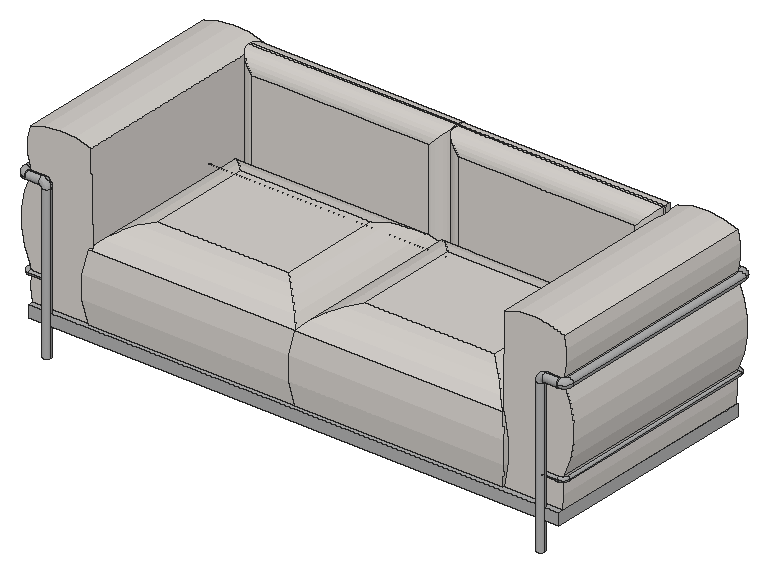
Revit family "Haworth_LC3_Sofa_TwoSeat", category Furniture, Revit 2018
Family settings
  OmniClass Number = 23.40.20.00
  OmniClass Title = General Furniture and Specialties
  Work Plane-Based = No
  Always vertical = Yes
  Cut with Voids When Loaded = No
  Shared = No
  Room Calculation Point = No
Parameters (values of type "HCCS-LC32-DMC1")
  Warranty = "http://www.haworth.com/resources/product-info/warranties"
  Version = "4"  # constant formula
  Upholstery Finish [instance] = Haworth _ Leather _ Cassina LCX _ Bianco TD-415
  URL - Product = "http://www.haworth.com/products/Seating/Lounge-Chairs/lc3"
  URL = "http://www.haworth.com/our-brands/haworth-collection"
  Size = "Verify Final Dim. w/ Haworth"  # constant formula
  Model = "HCCS-LC32-DMC1"
  Manufacturer = "Haworth"  # constant formula
  Leg Finish [instance] = Haworth _ Metal _ Chrome
  Description = "Haworth LC3 Sofa Two Seat"
  Author = "SHAPE Environments, LLC"  # constant formula
  Assembly Code = "E2020200"
  Actual Width = 5' - 6"  # constant formula
  Actual Height = 2' - 0 51/128"  # constant formula
  Actual Depth = 2' - 4 179/256"  # constant formula
Reference planes
  plane 1 "Center Front/Back": y = 0
  plane 2: z = 0
  plane 3 "Center Left/Right": x = 0
  plane 4 "OVERALL HEIGHT": z = 624.496
  plane 5 "SEAT HEIGHT": z = 422.968
  plane 6: z = 127
  plane 7: y = 364.878
  plane 8: y = -365.699
  plane 9: x = 861.362
  plane 10: x = -861.362
  plane 11: z = 637.771
Forms (mm)
  Sweep 1, solid, material "Haworth _ Metal _ Chrome" <- "Leg Finish"
    path origin (0, 26.079, 0) x (1, 0, 0) y (0, 1, 0)
      loop
        arc (828.291, -391.777) -> (848.562, -383.381) -> (856.959, -363.109) r 28.669
        line (856.959, -363.109) -> (856.959, 308.469)
        arc (856.959, 308.469) -> (848.834, 328.085) -> (829.217, 336.211) r 27.742
        line (829.217, 336.211) -> (-828.235, 336.211)
        arc (-828.235, 336.211) -> (-847.851, 328.085) -> (-855.977, 308.469) r 27.742
        line (-855.977, 308.469) -> (-855.977, -363.902)
        arc (-855.977, -363.902) -> (-847.58, -384.174) -> (-827.308, -392.571) r 28.669
    profile origin (848.562, -357.302, 0) x (-0.707107, 0.707107, 0) y (0, 0, 1)
      loop
        circle (12.7, 487.227) r 12.7
  Sweep 2, solid, material "Haworth _ Metal _ Chrome" <- "Leg Finish"
    path origin (0.003, 26.079, -263.525) x (1, 0, 0) y (0, 1, 0)
      loop
        line (769.052, -388.65) -> (821.939, -388.65)
        arc (821.939, -388.65) -> (842.21, -380.253) -> (850.606, -359.983) r 28.667
        line (850.606, -359.983) -> (850.606, 308.463)
        arc (850.606, 308.463) -> (842.483, 328.076) -> (822.87, 336.199) r 27.736
        line (822.87, 336.199) -> (-823.45, 336.199)
        arc (-823.45, 336.199) -> (-842.651, 328.246) -> (-850.604, 309.045) r 27.154
        line (-850.604, 309.045) -> (-850.604, -362.835)
        arc (-850.604, -362.835) -> (-842.399, -382.643) -> (-822.591, -390.848) r 28.013
        line (-822.591, -390.848) -> (-769.657, -390.848)
    profile origin (842.213, -354.175, -263.525) x (-0.707107, 0.707107, 0) y (0, 0, 1)
      loop
        circle (13.68, 477.899) r 5.728
  Extrusion 3, solid, material "Haworth _ Metal _ Chrome" <- "Leg Finish"
    sketch origin (0, 0, 0) x (1, 0, 0) y (0, 1, 0)
      loop
        line (829.271, 336.311) -> (-822.812, 336.311) -> (-822.812, -357.071) -> (829.271, -357.071) -> (829.271, 336.311)
    from 88.9 to 127
  Extrusion 4, solid, material "Haworth _ Metal _ Chrome" <- "Leg Finish"
    sketch origin (0, 0, 0) x (1, 0, 0) y (0, 1, 0)
      loop
        circle (-666.698, 350.09) r 13.84
      loop
        circle (675.759, 350.09) r 13.84
    from 0 to 482.889
  Sweep 5, solid, material "Haworth _ Metal _ Chrome" <- "Leg Finish"
    path origin (5.556, -47.139, 1.587) x (1, 0, 0) y (0, 0, 1)
      loop
        line (751.004, -1.588) -> (751.004, 471.417)
        arc (751.004, 471.417) -> (758.894, 490.467) -> (777.944, 498.358) r 26.941
        line (777.944, 498.358) -> (822.734, 498.358)
    profile origin (756.56, -47.139, 236.502) x (-1, 0, 0) y (0, -1, 0)
      loop
        circle (-12.7, 305.86) r 12.7
  Sweep 6, solid, material "Haworth _ Metal _ Chrome" <- "Leg Finish"
    path origin (-4.574, -47.139, 1.587) x (-1, 0, 0) y (0, 0, 1)
      loop
        line (751.004, -1.587) -> (751.004, 471.417)
        arc (751.004, 471.417) -> (758.894, 490.467) -> (777.944, 498.358) r 26.941
        line (777.944, 498.358) -> (822.734, 498.358)
    profile origin (-755.577, -47.139, 236.502) x (-1, 0, 0) y (0, -1, 0)
      loop
        circle (12.7, 306.654) r 12.7
  Extrusion 7, solid, material "Haworth _ Leather _ Cassina LCX _ Bianco TD-415" <- "Upholstery Finish"
    sketch origin (683.183, 6.924, 0) x (1, 0, 0) y (0, 0, 1)
      loop
        arc (-37.001, 617.746) -> (-44.447, 372.427) -> (-42.917, 127) r 6710.926
        line (-42.917, 127) -> (143.406, 127)
        arc (143.406, 127) -> (147.751, 167.225) -> (146.602, 207.669) r 297.684
        arc (146.602, 207.669) -> (146.978, 217.274) -> (149.91, 226.429) r 35.588
        arc (149.91, 226.429) -> (178.179, 351.236) -> (149.91, 476.042) r 289.648
        arc (149.91, 476.042) -> (148.252, 488.13) -> (149.91, 500.218) r 44.874
        arc (149.91, 500.218) -> (157.75, 557.351) -> (149.91, 614.483) r 212.091
        arc (149.91, 614.483) -> (56.765, 633.871) -> (-37.001, 617.746) r 254.857
    from -326.212 to 346.973
  Extrusion 8, solid, material "Haworth _ Leather _ Cassina LCX _ Bianco TD-415" <- "Upholstery Finish"
    sketch origin (-681.029, 6.924, 0) x (-1, 0, 0) y (0, 0, -1)
      loop
        arc (-37.001, -617.746) -> (56.765, -633.871) -> (149.91, -614.483) r 254.857
        arc (149.91, -614.483) -> (157.75, -557.351) -> (149.91, -500.218) r 212.091
        arc (149.91, -500.218) -> (148.252, -488.13) -> (149.91, -476.042) r 44.874
        arc (149.91, -476.042) -> (178.179, -351.236) -> (149.91, -226.429) r 289.648
        arc (149.91, -226.429) -> (146.978, -217.274) -> (146.602, -207.669) r 35.588
        arc (146.602, -207.669) -> (147.751, -167.225) -> (143.406, -127) r 297.684
        line (143.406, -127) -> (-42.917, -127)
        arc (-42.917, -127) -> (-44.447, -372.427) -> (-37.001, -617.746) r 6710.926
    from -326.212 to 346.973
  Sweep 9, solid, material "Haworth _ Leather _ Cassina LCX _ Bianco TD-415" <- "Upholstery Finish"
    path origin (-379.164, 229.596, 0) x (-1, 0, 0) y (0, 0, -1)
      loop
        line (-331.873, -587.143) -> (216.499, -587.143) -> (216.499, -178.119) -> (-331.873, -178.119) -> (-331.873, -587.143)
    profile origin (-47.291, 229.596, 382.631) x (0, -1, 0) y (1, 0, 0)
      loop
        line (-106.184, 0) -> (-0.002, 0)
        arc (-0.002, 0) -> (-14.542, 35.772) -> (-50.185, 50.628) r 50.185
        line (-50.185, 50.628) -> (-56.001, 50.628)
        arc (-56.001, 50.628) -> (-91.643, 35.772) -> (-106.184, 0) r 50.185
  Sweep 10, solid, material "Haworth _ Leather _ Cassina LCX _ Bianco TD-415" <- "Upholstery Finish"
    path in 3D
      loop
        line (-525.877, -223.718, 422.968) -> (-525.877, 98.314, 422.968) -> (-120.65, 98.314, 422.968) -> (-120.65, -223.718, 422.968) -> (-525.877, -223.718, 422.968)
    profile origin (-323.264, -223.718, 422.968) x (0, -1, 0) y (0, 0, 1)
      loop
        line (0, -18.335) -> (0, -295.968) -> (120.356, -295.968)
        arc (120.356, -295.968) -> (133.4, -191.384) -> (120.356, -86.8) r 425.782
        arc (120.356, -86.8) -> (67.322, -40.009) -> (0, -18.335) r 173.105
  Extrusion 11, solid, material "Haworth _ Leather _ Cassina LCX _ Bianco TD-415" <- "Upholstery Finish"
    sketch origin (-382.339, -13.492, 624.496) x (1, 0, 0) y (0, 1, 0)
      loop
        line (261.689, 111.806) -> (-143.533, 111.806) -> (-143.533, -210.226) -> (261.689, -210.226) -> (261.689, 111.806)
    from -497.496 to -219.863
  Extrusion 12, solid, material "Haworth _ Leather _ Cassina LCX _ Bianco TD-415" <- "Upholstery Finish"
    sketch origin (-234.322, -0.792, 0) x (1, 0, 0) y (0, 0, 1)
      loop
        line (187.031, 587.143) -> (-361.341, 587.143) -> (-361.341, 178.119) -> (187.031, 178.119) -> (187.031, 587.143)
    from -334.059 to -230.388
  Sweep 13, solid, material "Haworth _ Leather _ Cassina LCX _ Bianco TD-415" <- "Upholstery Finish"
    path origin (264.575, 229.031, 0) x (-1, 0, 0) y (0, 0, -1)
      loop
        line (-331.867, -587.143) -> (216.504, -587.143) -> (216.504, -178.119) -> (-331.867, -178.119) -> (-331.867, -587.143)
    profile origin (596.442, 229.031, 382.631) x (0, -1, 0) y (1, 0, 0)
      loop
        line (-106.184, 0) -> (-0.002, 0)
        arc (-0.002, 0) -> (-14.542, 35.772) -> (-50.185, 50.628) r 50.185
        line (-50.185, 50.628) -> (-56.001, 50.628)
        arc (-56.001, 50.628) -> (-91.643, 35.772) -> (-106.184, 0) r 50.185
  Sweep 14, solid, material "Haworth _ Leather _ Cassina LCX _ Bianco TD-415" <- "Upholstery Finish"
    path in 3D
      loop
        line (117.862, -224.283, 422.968) -> (117.862, 97.749, 422.968) -> (523.089, 97.749, 422.968) -> (523.089, -224.283, 422.968) -> (117.862, -224.283, 422.968)
    profile origin (320.475, -224.283, 422.968) x (0, -1, 0) y (0, 0, 1)
      loop
        line (0, -18.335) -> (0, -295.968) -> (120.356, -295.968)
        arc (120.356, -295.968) -> (133.4, -191.384) -> (120.356, -86.8) r 425.782
        arc (120.356, -86.8) -> (67.322, -40.009) -> (0, -18.335) r 173.105
  Extrusion 15, solid, material "Haworth _ Leather _ Cassina LCX _ Bianco TD-415" <- "Upholstery Finish"
    sketch origin (261.4, -14.057, 624.496) x (1, 0, 0) y (0, 1, 0)
      loop
        line (261.684, 111.806) -> (-143.539, 111.806) -> (-143.539, -210.226) -> (261.684, -210.226) -> (261.684, 111.806)
    from -497.496 to -219.863
  Extrusion 16, solid, material "Haworth _ Leather _ Cassina LCX _ Bianco TD-415" <- "Upholstery Finish"
    sketch origin (409.417, -1.357, 0) x (1, 0, 0) y (0, 0, 1)
      loop
        line (187.025, 587.143) -> (-361.346, 587.143) -> (-361.346, 178.119) -> (187.025, 178.119) -> (187.025, 587.143)
    from -334.059 to -230.388
Cuts and joins
  joined: Sweep 1, Extrusion 4
  joined: Sweep 5, Sweep 6
  joined: Extrusion 8, Sweep 10, Extrusion 11, Sweep 14, Extrusion 15
  joined: Sweep 9, Extrusion 12
  joined: Sweep 13, Extrusion 16
Lines and regions (mm)
  Masking region 1
    outline origin (-571.993, 8.329, 624.496) x (-1, 0, 0) y (0, -1, 0)
      loop
        arc (252.177, -356.549) -> (274.715, -347.399) -> (284.499, -325.129) r 32.336
        line (284.499, -325.129) -> (289.369, -325.129) -> (289.369, 349.893) -> (284.512, 349.893)
        arc (284.512, 349.893) -> (277.444, 366.959) -> (260.378, 374.028) r 24.134
        line (260.378, 374.028) -> (197.266, 374.028)
        arc (197.266, 374.028) -> (189.746, 371.656) -> (184.945, 365.4) r 13.112
        line (184.945, 365.4) -> (-1328.439, 365.4)
        arc (-1328.439, 365.4) -> (-1333.239, 371.656) -> (-1340.76, 374.028) r 13.112
        line (-1340.76, 374.028) -> (-1403.871, 374.028)
        arc (-1403.871, 374.028) -> (-1420.937, 366.959) -> (-1428.006, 349.893) r 24.134
        line (-1428.006, 349.893) -> (-1428.006, 348.012) -> (-1433.356, 348.012) -> (-1433.356, -324.213) -> (-1428.006, -324.213)
        arc (-1428.006, -324.213) -> (-1418.535, -347.078) -> (-1395.67, -356.549) r 32.336
        line (-1395.67, -356.549) -> (252.177, -356.549)
  symbolic lines
    curve 1: arc (-756.942, -357.073, 624.496) -> (-757.592, -346.93, 624.496) -> (-766.051, -341.295, 624.496) r 11.458
    curve 2: line (-766.051, -341.295, 624.496) -> (-827.318, -341.295, 624.496)
    curve 3: arc (-827.318, -341.295, 624.496) -> (-829.908, -340.223, 624.496) -> (-830.981, -337.633, 624.496) r 3.662
    curve 4: line (-830.981, -337.633, 624.496) -> (-830.981, 331.29, 624.496)
    curve 5: arc (-830.981, 331.29, 624.496) -> (-829.19, 335.612, 624.496) -> (-824.868, 337.402, 624.496) r 6.112
    curve 6: arc (-671.684, -356.931, 624.496) -> (-655.909, -350.397, 624.496) -> (-649.374, -334.621, 624.496) r 22.31
    curve 7: line (-649.374, -334.621, 624.496) -> (-649.374, 318.943, 624.496)
    curve 10: arc (-649.374, 244.479, 624.496) -> (-644.278, 232.175, 624.496) -> (-631.974, 227.079, 624.496) r 17.4
    curve 11: arc (-626.783, -357.212, 624.496) -> (-642.757, -350.595, 624.496) -> (-649.374, -334.621, 624.496) r 22.591
    curve 12: line (-825.67, 337.35, 624.496) -> (824.632, 337.35, 624.496)
    curve 13: line (-631.974, 227.079, 624.496) -> (-359.05, 227.079, 624.496)
    curve 14: line (-18.049, 226.957, 624.496) -> (-360.944, 226.957, 624.496)
    curve 15: arc (-0.195, 244.812, 624.496) -> (-5.425, 232.187, 624.496) -> (-18.049, 226.957, 624.496) r 17.854
    curve 16: arc (0, 244.642, 624.496) -> (5.254, 231.957, 624.496) -> (17.939, 226.703, 624.496) r 17.939
    curve 17: line (629.353, 226.703, 624.496) -> (17.939, 226.703, 624.496)
    curve 20: line (0, 318.457, 624.496) -> (0, -335.426, 624.496)
    curve 21: arc (-22.429, -357.855, 624.496) -> (-6.569, -351.286, 624.496) -> (0, -335.426, 624.496) r 22.429
    curve 22: arc (22.255, -357.876, 624.496) -> (6.38, -351.301, 624.496) -> (-0.195, -335.426, 624.496) r 22.451
    curve 23: arc (756.921, -357.06, 624.496) -> (757.574, -346.896, 624.496) -> (766.051, -341.251, 624.496) r 11.48
    curve 24: line (766.051, -341.251, 624.496) -> (827.246, -341.251, 624.496)
    curve 25: arc (827.246, -341.251, 624.496) -> (829.78, -340.201, 624.496) -> (830.83, -337.666, 624.496) r 3.584
    curve 26: line (830.83, -337.666, 624.496) -> (830.83, 331.152, 624.496)
    curve 27: arc (830.83, 331.152, 624.496) -> (829.015, 335.534, 624.496) -> (824.632, 337.35, 624.496) r 6.198
    curve 28: arc (670.311, -357.197, 624.496) -> (654.347, -350.585, 624.496) -> (647.735, -334.621, 624.496) r 22.576
    curve 29: line (647.735, -334.621, 624.496) -> (647.735, 318.943, 624.496)
    curve 32: arc (647.735, 245.085, 624.496) -> (642.351, 232.087, 624.496) -> (629.353, 226.703, 624.496) r 18.382
    curve 33: arc (625.41, -356.946, 624.496) -> (641.196, -350.407, 624.496) -> (647.735, -334.621, 624.496) r 22.325
  symbolic lines, detail levels fine
    curve 8: arc (-649.374, 318.943, 624.496) -> (-654.562, 331.468, 624.496) -> (-667.088, 336.657, 624.496) r 17.714
    curve 9: arc (-649.374, 318.943, 624.496) -> (-644.104, 331.667, 624.496) -> (-631.38, 336.937, 624.496) r 17.994
    curve 18: arc (-0.195, 318.457, 624.496) -> (-5.425, 331.081, 624.496) -> (-18.049, 336.311, 624.496) r 17.854
    curve 19: arc (0, 318.457, 624.496) -> (5.236, 331.096, 624.496) -> (17.875, 336.332, 624.496) r 17.875
    curve 30: arc (647.735, 318.943, 624.496) -> (653.001, 331.656, 624.496) -> (665.715, 336.923, 624.496) r 17.98
    curve 31: arc (647.735, 318.943, 624.496) -> (642.542, 331.479, 624.496) -> (630.006, 336.671, 624.496) r 17.729
    curve 42: line (856.012, 332.542, 624.496) -> (856.012, -339.683, 624.496)
    curve 43: line (-856.506, -341.564, 624.496) -> (-856.506, 332.542, 624.496)
  sketch lines
    curve 34: line (-120.65, -223.718, 422.968) -> (-525.877, -223.718, 422.968)
    curve 35: line (-525.877, -223.718, 422.968) -> (-525.877, 98.314, 422.968)
    curve 36: line (-525.877, 98.314, 422.968) -> (-120.65, 98.314, 422.968)
    curve 37: line (-120.65, 98.314, 422.968) -> (-120.65, -223.718, 422.968)
    curve 38: line (523.089, -224.283, 422.968) -> (117.862, -224.283, 422.968)
    curve 39: line (117.862, -224.283, 422.968) -> (117.862, 97.749, 422.968)
    curve 40: line (117.862, 97.749, 422.968) -> (523.089, 97.749, 422.968)
    curve 41: line (523.089, 97.749, 422.968) -> (523.089, -224.283, 422.968)
Dimensions and locks
  aligned and locked: level to plane 2
